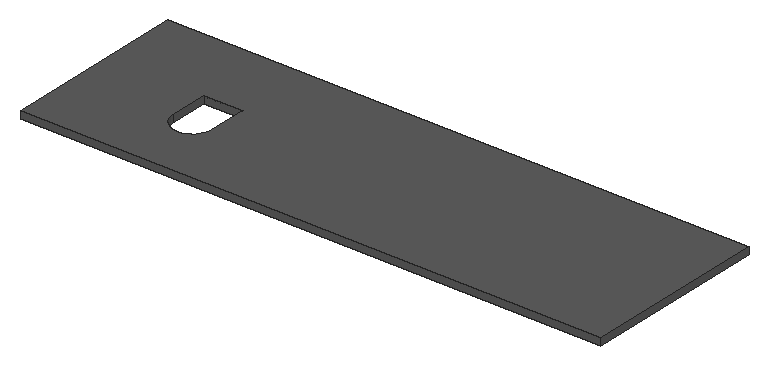
Revit family "Countertop-150cm-WoodenTopCounter-Left-Vitra-OriginSeries-65933+65934+65935", category Furniture Systems, host Face, Revit 2017
Family settings
  Host = Face
  Round Connector Dimension = Use Diameter
  Part Type = Normal
  OmniClass Number = 23.40.00.00
  OmniClass Title = Equipment and Furnishings
  Cut with Voids When Loaded = No
  Shared = Yes
  Room Calculation Point = No
Parameters (values of type "Countertop-150cm-WithLeftSyphonHole-Vitra-OriginSeries-65933")
  Youtube = "https://www.youtube.com/user/VitrAglobal"
  Weight Net (kg) = ""
  Warranty Period (Year) = "2"
  Uniformat II Description = "INTERIOR FINISHES"
  Uniformat II Code = "C30"
  Uniclass 2015 Name = "Counter tops"
  Uniclass 2015 Code = "Pr_40_30_30_18"
  Uniclass 2.0 Description = "Counter Tops"
  Uniclass 2.0 Code = "PR-35-12-18"
  Uniclass 1.4 Description = "Counters"
  Uniclass 1.4 Code = "L8571"
  URL = "https://vitraglobal.com/"
  UNSPSC Description = ""
  UNSPSC Code = ""
  Technical description = "https://www.vitraglobal.com/pdf/65933/"
  Tap hole Options (default) = ""
  Specification = ""
  Region South America = "All"
  Region Oceania = "All"
  Region North America = "All"
  Region Middle East = "All"
  Region Europe = "All"
  Region Asia = "All"
  Region Antarctica = "All"
  Region Africa = "All"
  Product url = "https://www.vitraglobal.com/bathroom-furniture/counters/standard-workbenches/origin-wooden-top-counter-sku-65933/"
  Product manual = ""
  Product group = "Counters - Standard Workbenches - Wooden Top counter\r\n>"
  Product family = "Origin"
  Product data url = ""
  Product certification = "https://www.vitraglobal.com/brochures/"
  Product SKU = "65933"
  Product Guid = "https://www.vitraglobal.com/uyeIslem/fileDownload.aspx?udkEnc=Dvr14oSum5WP1pzEb+o08HlWMRzv5C8Ofj4Wi9OLag1LasXavsJEKwg7c+SLJEEcyspA7GeM75qAHDV5LoRdxA==&lang=en-US"
  Primary Material = PatternedBlackOak
  OmniClass Description = "Casework Component Work Surfaces"
  OmniClass Code = "23-21 19 17"
  Nominal Width (mm) = 1505 mm
  Nominal Height (mm) = 18 mm
  Nominal Depth (mm) = 480 mm
  NBS Referans Description = "Counter Tops"
  NBS Referans Code = "35-12-18"
  Mounting type = "Top Counter"
  Model = "65933"
  Masterformat 2014 Description = "Countertops"
  Masterformat 2014 Code = "12 36 00"
  Manufacturer name = "VitrA"
  Manufacturer = "VitrA"
  Main Material = "Wooden"
  Installation instructions = "https://www.vitraglobal.com/uyeIslem/fileDownload.aspx?udkEnc=XSgYJiyLdCclxiQ9vLMn8xxaRGLjfX9Fg6HyYKjoY5ivWobKeBvFwmRI8l0VlLInugL4C2InXs0nNIUUKBLFnQ==&lang=en-US"
  IFC Classification = "Furnishing Element"
  EAN code = ""
  Design country = "Turkey"
  Description = "Origin Wooden Top counter - with left syphon hole - 150cm -  Patterned Black Oak"
  Default Elevation = 850 mm
  Color = "PatternedBlackOak"
  COBIe Type Category = ""
  Brand = "VitrA"
  BIMobject category = "Countertops"
  Article No. (default) = "65933"
  Accessories (default) = ""
Types (3, lengths in mm): name | Technical description | Product url | Product SKU | Product Guid | Primary Material | Model | Installation instructions | Description | Color | Article No. (default)
  Countertop-150cm-WithLeftSyphonHole-Vitra-OriginSeries-65933 | "https://www.vitraglobal.com/pdf/65933/" | "https://www.vitraglobal.com/bathroom-furniture/counters/standard-workbenches/origin-wooden-top-counter-sku-65933/" | "65933" | "https://www.vitraglobal.com/uyeIslem/fileDownload.aspx?udkEnc=Dvr14oSum5WP1pzEb+o08HlWMRzv5C8Ofj4Wi9OLag1LasXavsJEKwg7c+SLJEEcyspA7GeM75qAHDV5LoRdxA==&lang=en-US" | PatternedBlackOak | "65933" | "https://www.vitraglobal.com/uyeIslem/fileDownload.aspx?udkEnc=XSgYJiyLdCclxiQ9vLMn8xxaRGLjfX9Fg6HyYKjoY5ivWobKeBvFwmRI8l0VlLInugL4C2InXs0nNIUUKBLFnQ==&lang=en-US" | "Origin Wooden Top counter - with left syphon hole - 150cm -  Patterned Black Oak" | "PatternedBlackOak" | "65933"
  Countertop-150cm-WithLeftSyphonHole-Vitra-OriginSeries-65934 | "https://www.vitraglobal.com/pdf/65934/" | "https://www.vitraglobal.com/bathroom-furniture/counters/standard-workbenches/origin-wooden-top-counter-sku-65934/" | "65934" | "https://www.vitraglobal.com/uyeIslem/fileDownload.aspx?udkEnc=FzlaufGCu/zmVatDeeCg5+W3GChDZtemKBTwLfH7BuZITe1HRr40V/SxmeQhgUjXiyQ6M4/KYTli/bn142F3IQ==&lang=en-US" | Elm | "65934" | "https://www.vitraglobal.com/uyeIslem/fileDownload.aspx?udkEnc=NSbBzlW5TWk7oo7h1qPlc0pBd/huV31oDa3MRrY49WmVLM79WA3jYsrxJ6E9ol0iX7sLqWap47mWF2eveT8UKQ==&lang=en-US" | "Origin Wooden Top counter - with left syphon hole - 150cm - Elm" | "Elm" | "65934"
  Countertop-150cm-WithLeftSyphonHole-Vitra-OriginSeries-65935 | "https://www.vitraglobal.com/pdf/65935/" | "https://www.vitraglobal.com/bathroom-furniture/counters/standard-workbenches/origin-wooden-top-counter-sku-65935/" | "65935" | "https://www.vitraglobal.com/uyeIslem/fileDownload.aspx?udkEnc=cpN/TFKcx/LD4oj1hiCEPL+LOnIPqpXXmAiimmbYaSu/bWmwaLy1ER746/5rZ6mFIyEj9YQkfun+vPlGJ2PFzg==&lang=en-US" | Flat Oak | "65935" | "https://www.vitraglobal.com/uyeIslem/fileDownload.aspx?udkEnc=gFBL2AYgpTQKXWs8t90jYkarU7870zB5IiqYyMemNbalKFancKmwD4aRD8peNPZslw+Hp9HfYQdgXHuXSNTiYQ==&lang=en-US" | "Origin Wooden Top counter - with left syphon hole - 150cm - Flat Oak" | "Flat Oak" | "65935"
Reference planes
  plane 1 "Center (Front/Back)": y = 0
  plane 2: z = 0
  plane 3 "Center (Left/Right)": x = -8.77
  plane 4: y = 240
  plane 5: y = -240
  plane 6: z = -832
  plane 7: z = 18
  plane 8: x = -602.5
  plane 9: x = 902.5
Forms (mm)
  Extrusion 1, solid, detail levels coarse
    sketch origin (0, 0, 0) x (1, 0, 0) y (0, 1, 0)
      loop
        line (902.5, 240) -> (-602.5, 240) -> (-602.5, -240) -> (902.5, -240) -> (902.5, 240)
    from 0 to 18
  Extrusion 2, solid, material "PatternedBlackOak" <- "Primary Material", detail levels medium+fine
    sketch origin (0, 0, 0) x (1, 0, 0) y (0, 1, 0)
      loop
        line (902.5, 240) -> (-602.5, 240) -> (-602.5, -240) -> (902.5, -240) -> (902.5, 240)
      loop
        line (-250, 40) -> (-350, 40) -> (-350, -60)
        arc (-350, -60) -> (-300, -110) -> (-250, -60) r 50
        line (-250, -60) -> (-250, 40)
    from 0 to 18
Dimensions and locks
  "Nominal Depth (mm)": plane 4 to plane 5
  plane 7 to plane 6 = 850 mm
  "Nominal Height (mm)": plane 7 to host face
  "Nominal Width (mm)": plane 8 to plane 9
  aligned and locked: plane 2 to host face
  aligned and locked: level to host face
Automatic sketch dimensions
  host sketch curve to host sketch curve = 2438.4 mm  (x2)
  Extrusion 1 sketch curve to plane 5 = 0 mm
  Extrusion 1 sketch curve to plane 4 = 0 mm
  Extrusion 1 sketch curve to plane 3 "Center (Left/Right)" = 593.73 mm
  plane 3 "Center (Left/Right)" to Extrusion 1 sketch curve = 911.27 mm
  Extrusion 2 sketch curve to plane 4 = 0 mm
  Extrusion 2 sketch curve to plane 8 = 0 mm
  plane 5 to Extrusion 2 sketch curve = 0 mm
  plane 1 "Center (Front/Back)" to Extrusion 2 sketch curve = 60 mm
  Extrusion 2 sketch curve to plane 8 = 252.5 mm
  Extrusion 2 sketch curve to Extrusion 2 sketch curve = 50 mm
  Extrusion 2 sketch curve to plane 1 "Center (Front/Back)" = 40 mm
  plane 3 "Center (Left/Right)" to Extrusion 2 sketch curve = 911.27 mm
